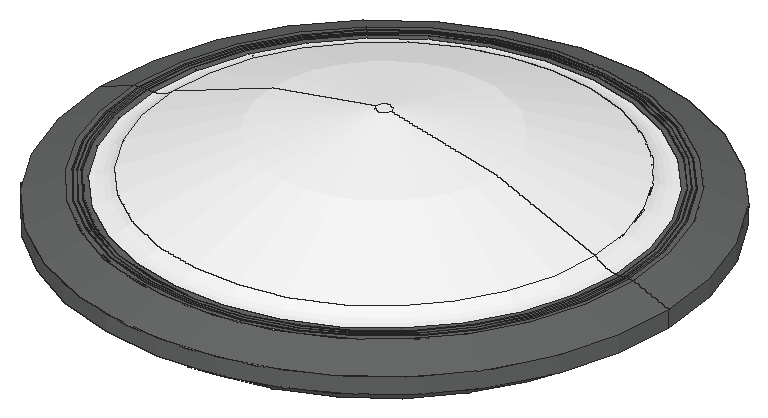
Revit family "PGL8_Surface_Mount", category Lighting Fixtures, host Face, Revit 2021
Family settings
  Host = Face
  Round Connector Dimension = Use Diameter
  Part Type = Normal
  OmniClass Number = 23.80.70.00
  OmniClass Title = Lighting
  Cut with Voids When Loaded = No
  Light Source = Yes
  Shared = No
  Room Calculation Point = No
Parameters (values of type "PGL8")
  Width = 15.88"
  Wattage = 111.6 W
  Warranty = "5 Years Limited Warranty"
  built-in parameter 1150110 = 1 (stored number, unit not read)
  URL = "https://www.currentlighting.com/kimlighting"
  Type Comments = "Light Fixture"  # constant formula
  built-in parameter 1114217 = 1 (stored number, unit not read)
  Tilt Angle = -90.00°
  built-in parameter 1150109 = 1 (stored number, unit not read)
  built-in parameter 1150134 = 3
  built-in parameter 1150113 = 1 (stored number, unit not read)
  Product page URL = ""
  Product Documentation = ""
  Power Factor = "0.90"
  Photometric Web File = "PGL8-5C-128L-110-3K7.ies"
  Model = "PGL8"  # constant formula
  Manufacturer = "KIM LIGHTING"  # constant formula
  built-in parameter 1150105 = 950.25 (stored number, unit not read)
  Lumens = 11941.2 lm
  built-in parameter 1150115 = 1 (stored number, unit not read)
  built-in parameter 1150137 = (empty or 0)
  built-in parameter 1150139 = (empty or 0)
  built-in parameter 1150112 = 1 (stored number, unit not read)
  built-in parameter 1150114 = 1 (stored number, unit not read)
  Lamp = "LED"
  built-in parameter 1150132 = (empty or 0)
  built-in parameter 1150102 = (empty or 0)
  built-in parameter 1150107 = 3200 (stored number, unit not read)
  built-in parameter 1150138 = (empty or 0)
  built-in parameter 1150106 = 9.5025 (stored number, unit not read)
  IP Rating = "IP 65"
  Housing = Paint -  Basic Black Textured
  Glass = Paint -  Matte White
  Features = "Patent pending edge-lit, drop lens optic\r\n• The PGL8 offers exceptional uniformity and visual comfort with four\r\nstandard distribution patterns\r\n• Multiple control options available for an intelligent parking garage\r\nlighting solution\r\n• Integral sensors, battery backup and uplight"  # constant formula
  Emit from Circle Diameter = 14.00"
  Emit Shape Visible in Rendering = no
  built-in parameter 1150104 = 9.9406 (stored number, unit not read)
  Dimming Lamp Color Temperature Shift = <None>
  Dimming Interface = "0-10V"
  Description = "The legacy of the PGL continues with the PGL8 edge-lit with drop lens. The PGL8 provides effective solutions for meeting the dynamics and challenges of parking garage applications including IES recommendations. The drop lens reduces glare providing exceptional visual comfort and performance, making the PGL8 the ideal solution for parking garage and canopy applications."  # constant formula
  Default Elevation = 48.00"
  Contact us = ""
  Color Filter = 16777215
  Certifications = "UL listed"
  built-in parameter 1114218 = 1 (stored number, unit not read)
  built-in parameter 1150133 = 10 (stored number, unit not read)
  Assembly Code = "D5020200"
Reference planes (in)
  plane 1 "Center (Front/Back)": y = 0
  plane 2: z = 0
  plane 3 "Center (Left/Right)": x = 0
  plane 4: x = 7.94141
  plane 5: x = -7.44141
  plane 6: x = -7.94
  plane 7: x = 7.94
  plane 8: z = -2.29
  plane 9: z = 2.47
  plane 10: z = 3.84
Forms (in)
  Revolve 1, solid, material "Paint -  Basic Black Textured" <- "Housing"
    sketch origin (0, 0, 0) x (1, 0, 0) y (0, 0, 1)
      loop
        line (6.96971, 2.15281) -> (6.84475, 2.15281) -> (6.84475, 2.12057) -> (6.801, 2.12057) -> (6.801, 2.15281) -> (6.73523, 2.15281) -> (6.73523, 2.12057) -> (6.70019, 2.12057) -> (6.70019, 2.15281) -> (6.63381, 2.15281) -> (6.63381, 2.12057) -> (6.59876, 2.12057) -> (6.59876, 2.15281) -> (0, 2.15281) -> (0, 0) -> (5.5, 0)
        arc (5.5, 0) -> (6.77401, 0.562) -> (7.9446, 1.3161) r 8.88724
        line (7.9446, 1.3161) -> (7.9446, 1.75893) -> (6.96971, 2.15281)
      axis (0, 2.15281) -> (0, 0)
    angle from 0 to 360
  Revolve 2, solid, material "Paint -  Matte White" <- "Glass"
    sketch origin (0, 0, -2.375) x (1, 0, 0) y (0, 0, 1)
      loop
        line (0, 6.40378) -> (0, 4.52781) -> (6.46971, 4.52781)
        arc (6.46971, 4.52781) -> (6.15461, 4.58638) -> (5.88161, 4.75428) r 0.87683
        arc (5.88161, 4.75428) -> (3.01494, 5.84338) -> (0, 6.40378) r 17.12612
      axis (0, 6.40378) -> (0, 4.52781)
    angle from 0 to 360
  Extrusion 3, void
    sketch origin (0, 0, 0) x (1, 0, 0) y (0, 1, 0)
      loop
        line (-0.04014, 0.92024) -> (-0.04014, 0.74881)
        arc (-0.04014, 0.74881) -> (-0.52954, 0.52803) -> (-0.74233, 0.03511) r 0.74286
        line (-0.74233, 0.03511) -> (-0.91723, 0.03511) -> (-0.91723, -0.03712) -> (-0.74155, -0.03712)
        arc (-0.74155, -0.03712) -> (-0.521, -0.5225) -> (-0.03209, -0.73513) r 0.74286
        line (-0.03209, -0.73513) -> (-0.03209, -0.91421) -> (0.04014, -0.91421) -> (0.04014, -0.73474)
        arc (0.04014, -0.73474) -> (0.52671, -0.51682) -> (0.74198, -0.02908) r 0.74286
        line (0.74198, -0.02908) -> (0.91723, -0.02908) -> (0.91723, 0.04315) -> (0.74198, 0.04315)
        arc (0.74198, 0.04315) -> (0.52386, 0.53374) -> (0.03209, 0.74921) r 0.74286
        line (0.03209, 0.74921) -> (0.03209, 0.92024) -> (-0.04014, 0.92024)
    from 4.00885 to 4.58783
Cuts and joins
  Extrusion 3 cuts Revolve 1
  Extrusion 3 cuts Revolve 2
Dimensions and locks (in)
  equal spacing: plane 6, plane 3 "Center (Left/Right)", plane 7
  "Width": plane 6 to plane 7
  aligned and locked: plane 2 to host face
  aligned and locked: level to host face
Automatic sketch dimensions
  host sketch curve to host sketch curve = 96.00"  (x2)
  Revolve 2 sketch curve to plane 3 "Center (Left/Right)" = 0.00"  (x2)
  Revolve 2 sketch curve to plane 3 "Center (Left/Right)" = 1.60967"
  Revolve 2 sketch curve to plane 7 = 1.47029"
  plane 8 to Revolve 2 sketch curve = 10.73152"
  plane 9 to Revolve 2 sketch curve = 0.31719"
  Revolve 2 sketch curve to plane 9 = 0.55964"
  Revolve 2 sketch curve to plane 10 = 0.18878"
  plane 8 to Revolve 2 sketch curve = 1.335"
  Revolve 2 sketch curve to Revolve 2 sketch curve = 2.84622"
  Extrusion 3 sketch curve to Extrusion 3 sketch curve = 0.00"  (x13)
  Extrusion 3 sketch curve to plane 3 "Center (Left/Right)" = 0.00"
  Extrusion 3 sketch curve to plane 3 "Center (Left/Right)" = 0.03209"
  Extrusion 3 sketch curve to plane 3 "Center (Left/Right)" = 0.04014"
  plane 1 "Center (Front/Back)" to Extrusion 3 sketch curve = 0.03712"
  Extrusion 3 sketch curve to plane 3 "Center (Left/Right)" = 0.74155"
  Extrusion 3 sketch curve to plane 1 "Center (Front/Back)" = 0.03511"
  Extrusion 3 sketch curve to Extrusion 3 sketch curve = 0.00078"
  Extrusion 3 sketch curve to Extrusion 3 sketch curve = 0.17568"
  plane 3 "Center (Left/Right)" to Extrusion 3 sketch curve = 0.03209"
  plane 3 "Center (Left/Right)" to Extrusion 3 sketch curve = 0.04014"
  Extrusion 3 sketch curve to plane 1 "Center (Front/Back)" = 0.04315"
  plane 3 "Center (Left/Right)" to Extrusion 3 sketch curve = 0.74198"
  plane 1 "Center (Front/Back)" to Extrusion 3 sketch curve = 0.02908"
  Extrusion 3 sketch curve to Extrusion 3 sketch curve = 0.17524"
  plane 1 "Center (Front/Back)" to Extrusion 3 sketch curve = 0.73474"
  Extrusion 3 sketch curve to Extrusion 3 sketch curve = 0.17947"
  Extrusion 3 sketch curve to Extrusion 3 sketch curve = 0.17143"
  Revolve 1 sketch curve to plane 3 "Center (Left/Right)" = 0.00"  (x2)
  Revolve 1 sketch curve to level = 0.00"
  plane 3 "Center (Left/Right)" to Revolve 1 sketch curve = 2.56112"
  Revolve 1 sketch curve to plane 7 = 2.44"
  plane 9 to Revolve 1 sketch curve = 0.31719"  (x2)
  Revolve 1 sketch curve to plane 7 = 1.34124"
  Revolve 1 sketch curve to Revolve 1 sketch curve = 0.03505"  (x2)
  Revolve 1 sketch curve to Revolve 1 sketch curve = 0.06638"
  Revolve 1 sketch curve to Revolve 1 sketch curve = 0.06577"
  Revolve 1 sketch curve to Revolve 1 sketch curve = 0.04375"
  Revolve 1 sketch curve to Revolve 1 sketch curve = 0.12495"
  plane 4 to Revolve 1 sketch curve = 0.00319"
  plane 9 to Revolve 1 sketch curve = 1.1539"
  Revolve 1 sketch curve to Revolve 1 sketch curve = 0.03224"  (x4)
  Revolve 1 sketch curve to Revolve 1 sketch curve = 0.00"
  plane 8 to Revolve 1 sketch curve = 14.71"
  Revolve 1 sketch curve to Revolve 1 sketch curve = 0.44282"
  Revolve 1 sketch curve to Revolve 1 sketch curve = 22.54147"
Connectors (in)
  electrical at (0, 0, 1.84575)
    settings: on cut or joined group of Revolve 1, Extrusion 3, index 1, voltage 0 V, apparent load 0 VA, apparent load phase1 0 VA, apparent load phase2 0 VA, apparent load phase3 0 VA, power factor 0.9, load classification "Other", number of poles 1, system type 31, power factor state 1, is connector primary yes, connector utility no, sub classification motor no, connector description "Lighting connector"
